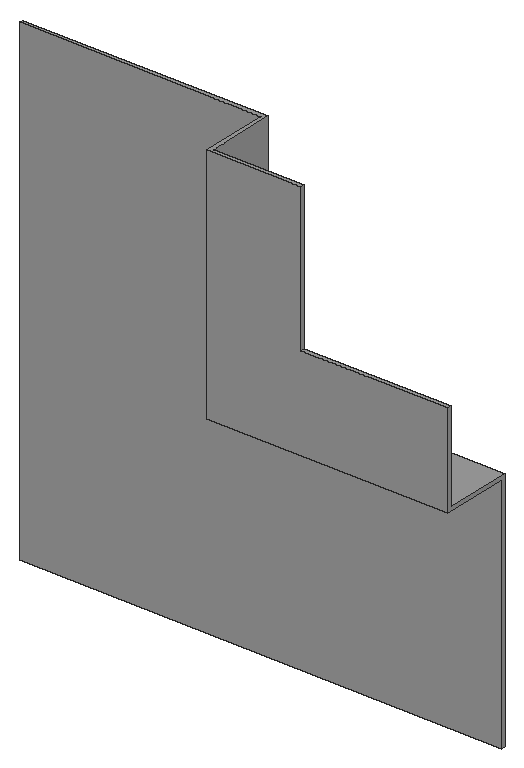
Revit family "Flashing_Preformed_Hyload_Type-W5", category Generic Models, Revit 2014
Parameters (values of type "As Specified")
  Unit Width = 0' - 7 1/8"
  Unit Height = 0' - 4"
  Unit Depth = 0' - 6"
  URL = "http://www.hyload.com/"
  Thickness = 0' - 0 1/16"
  Specification = "http://www.arcat.com/sdspecs/htm04/07_65_00hyl.htm"
  Sales Information = "http://www.hyload.com/contact-us"
  Revision = "R1_12-2015"
  Product Properties = "http://www.hyload.com/masonry-flashing/preformed-shapes/"
  Product Data = "http://www.arcat.com/arcatcos/cos33/arc33176.html"
  Model = "Type W5"
  Manufacturer Website = "http://www.hyload.com/"
  Manufacturer Phone - Toll Free = "800-457-4056"
  Manufacturer Phone = "330-769-3546"
  Manufacturer Fax = "330-769-4153"
  Manufacturer Address = "5020 Panther Pkwy., Seville, OH 44273"
  Manufacturer = "Hyload"
  Keynote = "07 65 00"
  Flashing Material = Hyload Flashing Membrane - Grey
  Drawn By = "Robert S. Weygant / Sumex Design"
  Description = "Preformed Hyload Masonry Flashing - Type W5"
  Copyright = "(c) ARCAT, Inc, 2015"
  Construction Details = "http://www.arcat.com/details/hyload/hyload.html?coid=33176"
  Assembly Code = "B3010400"
Reference planes (in)
  plane 1 "Center (Front/Back)": y = 0
  plane 2: z = 0
  plane 3 "Center (Left/Right)": x = 0
  plane 4: x = 4
  plane 5: z = 4
  plane 6: y = -1.125
  plane 7: z = 8
Forms (in)
  Sweep 1, solid, material "Hyload Flashing Membrane - Grey" <- "Flashing Material"
    path origin (0, 0, 0) x (1, 0, 0) y (0, 0, 1)
      loop
        line (4, 4) -> (0, 4) -> (0, 8)
    profile origin (2, 0, 4) x (0, 0, -1) y (0, -1, 0)
      loop
        line (0, 0) -> (0, 1.125) -> (-1.5625, 1.125) -> (-1.5625, 1.0625) -> (-0.0625, 1.0625) -> (-0.0625, -0.0625) -> (4, -0.0625) -> (4, 0) -> (0, 0)
Dimensions and locks (in)
  "Unit Height": plane 5 to level
  plane 1 "Center (Front/Back)" to plane 6 = 0' - 1 1/8"
  plane 7 to level = 0' - 8"
  plane 4 to plane 3 "Center (Left/Right)" = 0' - 4"
  aligned and locked: plane 2 to level
  aligned and locked: plane 3 "Center (Left/Right)" to Sweep 1 sketch curve
  aligned and locked: plane 5 to Sweep 1 sketch curve  (x2)
  aligned and locked: Sweep 1 sketch curve to plane 6
  aligned and locked: Sweep 1 sketch curve to level
  aligned and locked: plane 7 to Sweep 1 sketch curve
Automatic sketch dimensions
  profile plane to Sweep 1 sketch curve = 0' - 1 9/16"
  profile plane to Sweep 1 sketch curve = 0' - 0 1/16"
  Sweep 1 sketch curve to Sweep 1 sketch curve = 0' - 0 1/16"  (x2)
  Sweep 1 sketch curve to plane 1 "Center (Front/Back)" = 0' - 0"
  Sweep 1 sketch curve to plane 4 = 0' - 0"
